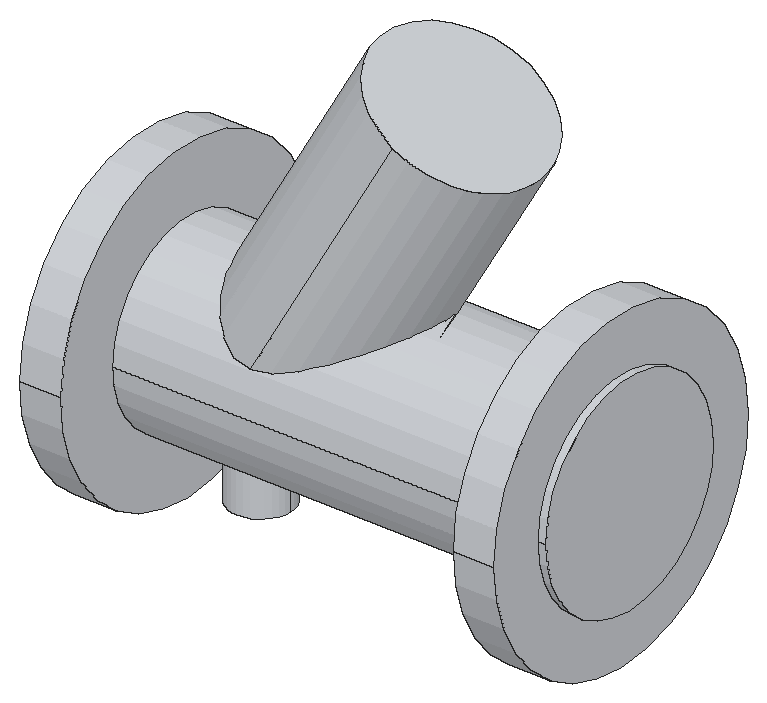
Revit family "HS 821-síto_standard-PN25-DN080-RFA_2018", category Pipe Accessories, Revit 2018
Family settings
  Round Connector Dimension = Use Diameter
  Part Type = Breaks Into
  Work Plane-Based = No
  Always vertical = Yes
  Cut with Voids When Loaded = No
  Shared = No
Parameters (values of type "821D-DN080-PN25-síto_standard")
  magiProductId = "e21040fa3cc2404b858198f6b73709"
  magiProductFamilyId = "79214ac3aaa945e397802f559f5c1e"
  magiPartTypeId = 307
  isMeasuringValve [instance] = no
  ang2D [instance] = 0.00°
  ZB__ve = -ZB  # -32 mm
  ZB1 = 53.46 mm
  ZB = 32 mm
  X2 = 104.753 mm
  X1 = 43.4 mm
  W2D = 15 mm
  VersionID = "2.0/2017.9.26.1/ZETKAMA_821_001"
  Use Minimum Symbol Size [instance] = yes
  URL = "www.hydronix.cz"
  Type Comments = "Filtr přírubový; síto standardní; A-PN16 (-10~300°C); D-PN25 (-10~350°C); F-PN40 (-10~400°C)"
  S = 132 mm
  QmdConnectorList = "301;D;302;D"
  Productdata [instance] = ""
  Manufacturer = "Hydronix"
  MC Product Code = "200 280 (821D; DN080; PN25; kvs147,4; oko síta 1,25mm)"
  LM1 = 24.8 mm
  LM = 248 mm
  L4 = 77.5 mm
  L2D_Min = 3048 mm
  L2D = 130 mm
  L2 = 155 mm
  HH2 = 181.438 mm
  FD = 200 mm
  Description = "Filtr přírubový; síto standardní; 821A-PN16; 821D-PN25; 821F-PN40"
  DM1 = 107.4 mm
  DM = 118.8 mm
  D = 80 mm
  CC = 5.27 mm
  CAT0 = yes
  C1 = 25.73 mm
  C = 31 mm
  BD = 37.422 mm
Types (40, lengths in mm): name | magiProductId | ZB__ve | ZB1 | ZB | X2 | X1 | S | MC Product Code | LM1 | LM | L4 | L2 | HH2 | FD | DM1 | DM | D | CC | C1 | C | BD
  821A-DN015-PN16-síto_standard | "a71bcfe8b393460598b23e8ddf7dc5" | -16.25 | 18.63 | 16.25 | 46.982 | 18.2 | 46 | "200 115 (821A; DN015; PN16; kvs6,3; oko síta 1,00mm)" | 10.4 | 104 | 32.5 | 65 | 81.375 | 95 | 27.6 | 41.4 | 15 | 2.21 | 10.79 | 13 | 13.041
  821A-DN020-PN16-síto_standard | "41cd6c7a12924f4991217528336076" | -17.75 | 22.68 | 17.75 | 51.673 | 21 | 56 | "200 120 (821A; DN020; PN16; kvs11,2; oko síta 1,00mm)" | 12 | 120 | 37.5 | 75 | 89.5 | 105 | 33.6 | 50.4 | 20 | 2.55 | 12.45 | 15 | 15.876
  821A-DN025-PN16-síto_standard | "be378b463ed14c3abf4c9b3ae8cf3a" | -19.25 | 26.325 | 19.25 | 58.601 | 22.4 | 65 | "200 125 (821A; DN025; PN16; kvs14,7; oko síta 1,00mm)" | 12.8 | 128 | 40 | 80 | 101.5 | 115 | 43.2 | 58.5 | 25 | 2.72 | 13.28 | 16 | 18.427
  821A-DN032-PN16-síto_standard | "227a0d18b21540afabe8b6067d35fa" | -23 | 30.78 | 23 | 68.849 | 25.2 | 76 | "200 132 (821A; DN032; PN16; kvs23,7; oko síta 1,00mm)" | 14.4 | 144 | 45 | 90 | 119.25 | 140 | 50.4 | 68.4 | 32 | 3.06 | 14.94 | 18 | 21.546
  821A-DN040-PN16-síto_standard | "d106917c74724141a10440112d0102" | -24.5 | 34.02 | 24.5 | 75.777 | 28 | 84 | "200 140 (821A; DN040; PN16; kvs37,7; oko síta 1,00mm)" | 16 | 160 | 50 | 100 | 131.25 | 150 | 60 | 75.6 | 40 | 3.4 | 16.6 | 20 | 23.814
  821A-DN050-PN16-síto_standard | "8255d456a09e4f6486734f5dd9171b" | -26.75 | 40.095 | 26.75 | 79.061 | 32.2 | 99 | "200 150 (821A; DN050 PN16; kvs57,9; oko síta 1,00mm)" | 18.4 | 184 | 57.5 | 115 | 136.938 | 165 | 73.8 | 89.1 | 50 | 3.91 | 19.09 | 23 | 28.066
  821A-DN065-PN16-síto_standard | "235b1b3e4c0843779a4d5e3716d40a" | -29.75 | 47.79 | 29.75 | 86.927 | 40.6 | 118 | "200 165 (821A; DN065; PN16; kvs101,5; oko síta 1,25mm)" | 23.2 | 232 | 72.5 | 145 | 150.562 | 185 | 94.2 | 106.2 | 65 | 4.93 | 24.07 | 29 | 33.453
  821A-DN080-PN16-síto_standard | "a067f7c5236348ed8c820d16df7214" | -32 | 53.46 | 32 | 104.753 | 43.4 | 132 | "200 180 (821A; DN080; PN16; kvs147,4; oko síta 1,25mm)" | 24.8 | 248 | 77.5 | 155 | 181.438 | 200 | 107.4 | 118.8 | 80 | 5.27 | 25.73 | 31 | 37.422
  821A-DN100-PN16-síto_standard | "c49a648c2747461285837d643703cd" | -35 | 63.18 | 35 | 114.857 | 49 | 156 | "200 190 (821A; DN100; PN16; kvs209,6; oko síta 1,60mm)" | 28 | 280 | 87.5 | 175 | 198.937 | 220 | 131.4 | 140.4 | 100 | 5.95 | 29.05 | 35 | 44.226
  821A-DN125-PN16-síto_standard | "bf68e728a163493cbd2a663b26ebdc" | -39.5 | 74.52 | 39.5 | 131.888 | 56 | 184 | "200 191 (821A; DN125; PN16; kvs326,2; oko síta 1,60mm)" | 32 | 320 | 100 | 200 | 228.438 | 250 | 165 | 165.6 | 125 | 6.8 | 33.2 | 40 | 52.164
  821A-DN150-PN16-síto_standard | "2de770284b654863ae6bc865769dc5" | -44.75 | 85.455 | 44.75 | 155.885 | 67.2 | 211 | "200 192 (821A; DN150; PN16; kvs403; oko síta 1,60mm)" | 38.4 | 384 | 120 | 240 | 270 | 285 | 192 | 189.9 | 150 | 8.16 | 39.84 | 48 | 59.818
  821A-DN200-PN16-síto_standard | "8e5693371ab64aabb29a7f08c76e15" | -53 | 107.73 | 53 | 188.361 | 84 | 266 | "200 193 (821A; DN200; PN16; kvs707; oko síta 1,60mm)" | 48 | 480 | 150 | 300 | 326.25 | 340 | 252 | 239.4 | 200 | 10.2 | 49.8 | 60 | 75.411
  821A-DN250-PN16-síto_standard | "05e37ed948c34047acdd4c42556504" | -62.75 | 129.195 | 62.75 | 255.911 | 102.2 | 319 | "200 194 (821A; DN250; PN16; kvs1234; oko síta 1,60mm)" | 58.4 | 584 | 182.5 | 365 | 443.25 | 405 | 309.6 | 287.1 | 250 | 12.41 | 60.59 | 73 | 90.436
  821A-DN300-PN16-síto_standard | "9ad0af747269428da925480d83ce80" | -71 | 149.85 | 71 | 325.914 | 119 | 370 | "200 195 (821A; DN300; PN16; kvs1916; oko síta 1,60mm)" | 68 | 680 | 212.5 | 425 | 564.5 | 460 | 369.6 | 333 | 300 | 14.45 | 70.55 | 85 | 104.895
  821A-DN350-PN16-síto_standard | "eebc71459bb3451bb4355e7951370a" | -80 | 173.745 | 80 | 356.875 | 137.2 | 429 | "200 196 (821A; DN350; PN16; kvs2621; oko síta 1,60mm)" | 78.4 | 784 | 245 | 490 | 618.125 | 520 | 438 | 386.1 | 350 | 16.66 | 81.34 | 98 | 121.621
  821A-DN400-PN16-síto_standard | "d2f677cb196647e385b2590e7d8abe" | -89 | 194.4 | 89 | 392.237 | 154 | 480 | "200 197 (821A; DN400; PN16; kvs3460; oko síta 1,60mm)" | 88 | 880 | 275 | 550 | 679.375 | 580 | 498 | 432 | 400 | 18.7 | 91.3 | 110 | 136.08
  821D-DN015-PN25-síto_standard | "27ddcbf555414f8ca1fde329bf9087" | -16.25 | 18.63 | 16.25 | 46.982 | 18.2 | 46 | "200 215 (821D; DN015; PN25; kvs6,3; oko síta 1,00mm)" | 10.4 | 104 | 32.5 | 65 | 81.375 | 95 | 27.6 | 41.4 | 15 | 2.21 | 10.79 | 13 | 13.041
  821D-DN020-PN25-síto_standard | "270e0f14012f47189cd0235c18faee" | -17.75 | 22.68 | 17.75 | 51.673 | 21 | 56 | "200 220 (821D; DN020; PN25; kvs11,2; oko síta 1,00mm)" | 12 | 120 | 37.5 | 75 | 89.5 | 105 | 33.6 | 50.4 | 20 | 2.55 | 12.45 | 15 | 15.876
  821D-DN025-PN25-síto_standard | "b9a7fb4aa36643878c637d8e1ab992" | -19.25 | 26.325 | 19.25 | 58.601 | 22.4 | 65 | "200 225 (821D; DN025; PN25; kvs14,7; oko síta 1,00mm)" | 12.8 | 128 | 40 | 80 | 101.5 | 115 | 43.2 | 58.5 | 25 | 2.72 | 13.28 | 16 | 18.427
  821D-DN032-PN25-síto_standard | "6be9a55c4e68400f94eec7e804204c" | -23 | 30.78 | 23 | 68.849 | 25.2 | 76 | "200 232 (821D; DN032; PN25; kvs23,7; oko síta 1,00mm)" | 14.4 | 144 | 45 | 90 | 119.25 | 140 | 50.4 | 68.4 | 32 | 3.06 | 14.94 | 18 | 21.546
  821D-DN040-PN25-síto_standard | "c54511bd7f584ec2984291479612cb" | -24.5 | 34.02 | 24.5 | 75.777 | 28 | 84 | "200 240 (821D; DN040; PN25; kvs37,7; oko síta 1,00mm)" | 16 | 160 | 50 | 100 | 131.25 | 150 | 60 | 75.6 | 40 | 3.4 | 16.6 | 20 | 23.814
  821D-DN050-PN25-síto_standard | "5483b1f596b04cd39b23a14a22c90e" | -26.75 | 40.095 | 26.75 | 79.061 | 32.2 | 99 | "200 250 (821D; DN050; PN25; kvs57,9; oko síta 1,00mm)" | 18.4 | 184 | 57.5 | 115 | 136.938 | 165 | 73.8 | 89.1 | 50 | 3.91 | 19.09 | 23 | 28.066
  821D-DN065-PN25-síto_standard | "767b0f8318e94750bc7a9930ed5b30" | -29.75 | 47.79 | 29.75 | 86.927 | 40.6 | 118 | "200 265 (821D; DN065; PN25; kvs101,5; oko síta 1,25mm)" | 23.2 | 232 | 72.5 | 145 | 150.562 | 185 | 94.2 | 106.2 | 65 | 4.93 | 24.07 | 29 | 33.453
  821D-DN080-PN25-síto_standard | "e21040fa3cc2404b858198f6b73709" | -32 | 53.46 | 32 | 104.753 | 43.4 | 132 | "200 280 (821D; DN080; PN25; kvs147,4; oko síta 1,25mm)" | 24.8 | 248 | 77.5 | 155 | 181.438 | 200 | 107.4 | 118.8 | 80 | 5.27 | 25.73 | 31 | 37.422
  821D-DN100-PN25-síto_standard | "175ca87a506b40b3bc6b82f12f33cf" | -37.25 | 63.18 | 37.25 | 114.857 | 49 | 156 | "200 290 (821D; DN100; PN25; kvs209,6; oko síta 1,60mm)" | 28 | 280 | 87.5 | 175 | 198.937 | 235 | 131.4 | 140.4 | 100 | 5.95 | 29.05 | 35 | 44.226
  821D-DN125-PN25-síto_standard | "77cc98d60da24855999a22dff726b2" | -42.5 | 74.52 | 42.5 | 131.888 | 56 | 184 | "200 291 (821D; DN125; PN25; kvs326,2; oko síta 1,60mm)" | 32 | 320 | 100 | 200 | 228.438 | 270 | 165 | 165.6 | 125 | 6.8 | 33.2 | 40 | 52.164
  821D-DN150-PN25-síto_standard | "9cf8acfcd15547d68e83172d3abcbe" | -47 | 85.455 | 47 | 155.885 | 67.2 | 211 | "200 292 (821D; DN150; PN25; kvs403; oko síta 1,60mm)" | 38.4 | 384 | 120 | 240 | 270 | 300 | 192 | 189.9 | 150 | 8.16 | 39.84 | 48 | 59.818
  821D-DN200-PN25-síto_standard | "16973f3c9ea14389ba8602495a6b64" | -56 | 110.97 | 56 | 188.361 | 84 | 274 | "200 293 (821D; DN200; PN25; kvs707; oko síta 1,60mm)" | 48 | 480 | 150 | 300 | 326.25 | 360 | 252 | 246.6 | 200 | 10.2 | 49.8 | 60 | 77.679
  821F-DN015-PN40-síto_standard | "4c7eaf3c4c0340888b3e684d8a8616" | -16.25 | 18.225 | 16.25 | 46.982 | 18.2 | 45 | "240 615 (821F; DN015; PN40; kvs6,3; oko síta 1,00mm)" | 10.4 | 104 | 32.5 | 65 | 81.375 | 95 | 27.6 | 40.5 | 15 | 2.21 | 10.79 | 13 | 12.757
  821F-DN020-PN40-síto_standard | "aaac5f1ec96b44d6ba96ac2293d66d" | -17.75 | 23.49 | 17.75 | 51.673 | 21 | 58 | "240 620 (821F; DN020; PN40; kvs11,2; oko síta 1,00mm)" | 12 | 120 | 37.5 | 75 | 89.5 | 105 | 33.6 | 52.2 | 20 | 2.55 | 12.45 | 15 | 16.443
  821F-DN025-PN40-síto_standard | "504768023968471481789485b54c7e" | -19.25 | 27.54 | 19.25 | 58.601 | 22.4 | 68 | "240 625 (821F; DN025; PN40; kvs14,7; oko síta 1,00mm)" | 12.8 | 128 | 40 | 80 | 101.5 | 115 | 43.2 | 61.2 | 25 | 2.72 | 13.28 | 16 | 19.278
  821F-DN032-PN40-síto_standard | "165e7f39cf744f329bdf1c400dad12" | -23 | 31.59 | 23 | 68.849 | 25.2 | 78 | "240 632 (821F; DN032; PN40; kvs23,7; oko síta 1,00mm)" | 14.4 | 144 | 45 | 90 | 119.25 | 140 | 50.4 | 70.2 | 32 | 3.06 | 14.94 | 18 | 22.113
  821F-DN040-PN40-síto_standard | "b8903f952089408fbf3a5a632bab1f" | -24.5 | 35.64 | 24.5 | 75.777 | 28 | 88 | "240 640 (821F; DN040; PN40; kvs37,7; oko síta 1,00mm)" | 16 | 160 | 50 | 100 | 131.25 | 150 | 60 | 79.2 | 40 | 3.4 | 16.6 | 20 | 24.948
  821F-DN050-PN40-síto_standard | "c451f97266fe48da8f879cb6a2bd44" | -26.75 | 41.31 | 26.75 | 79.061 | 32.2 | 102 | "240 650 (821F; DN050; PN40; kvs57,9; oko síta 1,00mm)" | 18.4 | 184 | 57.5 | 115 | 136.938 | 165 | 73.8 | 91.8 | 50 | 3.91 | 19.09 | 23 | 28.917
  821F-DN065-PN40-síto_standard | "dc9821e3f9b34e128f6a8c6b34c198" | -29.75 | 49.41 | 29.75 | 86.927 | 40.6 | 122 | "240 665 (821F; DN065; PN40; kvs101,5; oko síta 1,25mm)" | 23.2 | 232 | 72.5 | 145 | 150.562 | 185 | 94.2 | 109.8 | 65 | 4.93 | 24.07 | 29 | 34.587
  821F-DN080-PN40-síto_standard | "689aa1e260f84cf4994f027a1d86b5" | -32 | 55.89 | 32 | 104.753 | 43.4 | 138 | "240 680 (821F; DN080; PN40; kvs147,4; oko síta 1,25mm)" | 24.8 | 248 | 77.5 | 155 | 181.438 | 200 | 107.4 | 124.2 | 80 | 5.27 | 25.73 | 31 | 39.123
  821F-DN100-PN40-síto_standard | "8a45d4e8e2ab425f8c432f21d684f3" | -37.25 | 65.61 | 37.25 | 114.857 | 49 | 162 | "240 690 (821F; DN100; PN40; kvs209,6; oko síta 1,6mm)" | 28 | 280 | 87.5 | 175 | 198.937 | 235 | 131.4 | 145.8 | 100 | 5.95 | 29.05 | 35 | 45.927
  821F-DN125-PN40-síto_standard | "cf073904c006406b8645afa67ea2fc" | -42.5 | 76.14 | 42.5 | 131.888 | 56 | 188 | "240 691 (821F; DN125; PN40; kvs326,2; oko síta 1,6mm)" | 32 | 320 | 100 | 200 | 228.438 | 270 | 165 | 169.2 | 125 | 6.8 | 33.2 | 40 | 53.298
  821F-DN150-PN40-síto_standard | "0153b9ddabe14992a630484929fdbc" | -47 | 88.29 | 47 | 155.885 | 67.2 | 218 | "240 692 (821F; DN150; PN40; kvs403; oko síta 1,6mm)" | 38.4 | 384 | 120 | 240 | 270 | 300 | 192 | 196.2 | 150 | 8.16 | 39.84 | 48 | 61.803
  821F-DN200-PN40-síto_standard | "7fb3fc01dd8d42428c203e3f8dd4d5" | -56 | 115.425 | 56 | 188.361 | 84 | 285 | "240 693 (821F; DN200; PN40; kvs707; oko síta 1,6mm)" | 48 | 480 | 150 | 300 | 326.25 | 360 | 252 | 256.5 | 200 | 10.2 | 49.8 | 60 | 80.797
Reference planes
  plane 1 "Center (Front/Back)": y = 0
  plane 2 "XYPLANE": z = 0
  plane 3 "Center (Left/Right)": x = 0
  plane 4 "109": x = -99.2
  plane 5 "108": x = 124
  plane 6 "107": x = -124
  plane 7 "105": x = 155
  plane 8 "104": x = -155
  plane 9 "103": y = 0
  plane 10 "102": z = 0
  plane 11 "101": x = -149.73
  plane 12 "100": x = 149.73
  plane 13 "11": x = -55.8
  plane 14 "10": z = 181.438
  plane 15 "9": x = 48.953
  plane 16 "5": z = -53.46
  plane 17 "4": x = -77.5
  plane 18 "1": x = 77.5
Forms (mm)
  Extrusion 1, solid, visible <- "CAT0"
    sketch origin (-124, -750, 0) x (0, 1, 0) y (0, 0, 1)
      loop
        circle (750, 0) r 59.4
    from 0 to 248 <- "LM"
  Extrusion 2, solid
    sketch origin (-155, -750, 0) x (0, 1, 0) y (0, 0, 1)
      loop
        circle (750, 0) r 66
    from 0 to 5.27 <- "CC"
  Extrusion 3, solid
    sketch origin (-149.73, -750, 0) x (0, 1, 0) y (0, 0, 1)
      loop
        circle (750, 0) r 100
    from 0 to 25.73 <- "C1"
  Extrusion 4, solid
    sketch origin (124, -750, 0) x (0, 1, 0) y (0, 0, 1)
      loop
        circle (750, 0) r 100
    from 0 to 25.73 <- "C1"
  Extrusion 5, solid
    sketch origin (149.73, -750, 0) x (0, 1, 0) y (0, 0, 1)
      loop
        circle (750, 0) r 66
    from 0 to 5.27 <- "CC"
  Sweep 6, solid, visible <- "CAT0"
    path origin (750, 0, 0) x (-1, 0, 0) y (0, 0, 1)
      loop
        line (874, 0) -> (805.8, 0) -> (701.047, 181.438)
    profile origin (-124, 0, 0) x (0, 0, -1) y (0, 1, 0)
      loop
        circle (0, 0) r 53.7
  Extrusion 7, solid, visible <- "CAT0"
    sketch origin (-750, 0, -53.46) x (1, 0, 0) y (0, 1, 0)
      loop
        circle (672.5, 0) r 18.711
    from 0 to -32 <- "ZB__ve"
  Extrusion 8, solid, visible <- "CAT0"
    sketch origin (-750, 0, -53.46) x (1, 0, 0) y (0, 1, 0)
      loop
        circle (827.5, 0) r 18.711
    from 0 to -32 <- "ZB__ve"
  Extrusion 9, solid, not visible
    sketch origin (155, -750, 0) x (0, 1, 0) y (0, 0, 1)
      loop
        circle (750, 0) r 10
    from 0 to -10
  Extrusion 10, solid, not visible
    sketch origin (-155, -750, 0) x (0, 1, 0) y (0, 0, 1)
      loop
        circle (750, 0) r 10
    from 0 to 10
Lines and regions (mm)
  reference lines, not visible
    curve 1: circle (2, 2, 0) r 1 normal (0, 0, 1)
Dimensions and locks
  plane 1 "Center (Front/Back)" to curve 1 = 2 mm
  "LM1": plane 6 "107" to plane 4 "109"
  "LM": plane 6 "107" to plane 5 "108"
  "C": plane 8 "104" to plane 6 "107"
  "L2": plane 3 "Center (Left/Right)" to plane 7 "105"
  "L2": plane 3 "Center (Left/Right)" to plane 8 "104"
  locked: plane 1 "Center (Front/Back)" to plane 9 "103"
  locked: plane 2 "XYPLANE" to plane 10 "102"
  "CC": plane 8 "104" to plane 11 "101"
  "C1": plane 5 "108" to plane 12 "100"
  "X1": plane 4 "109" to plane 13 "11"
  "HH2": plane 2 "XYPLANE" to plane 14 "10"
  "X2": plane 13 "11" to plane 15 "9"
  "ZB1": plane 2 "XYPLANE" to plane 16 "5"
  "L4": plane 8 "104" to plane 17 "4"
  "L2": plane 17 "4" to plane 18 "1"
  Sweep 6 sketch curve to Sweep 6 sketch curve = 0 mm  (x2)
  "DM": diameter of Extrusion 1 sketch curve
  "S": diameter of Extrusion 2 sketch curve
  "FD": diameter of Extrusion 3 sketch curve
  "FD": diameter of Extrusion 4 sketch curve
  "S": diameter of Extrusion 5 sketch curve
  "DM1": diameter of Sweep 6 sketch curve
  "BD": diameter of Extrusion 7 sketch curve
  "BD": diameter of Extrusion 8 sketch curve
  aligned and locked: level to plane 2 "XYPLANE"
  aligned and locked: Extrusion 1 sketch curve to plane 9 "103"
  aligned and locked: plane 10 "102" to Extrusion 1 sketch curve
  aligned and locked: Extrusion 2 sketch curve to plane 9 "103"
  aligned and locked: plane 10 "102" to Extrusion 2 sketch curve
  aligned and locked: Extrusion 3 sketch curve to plane 9 "103"
  aligned and locked: plane 10 "102" to Extrusion 3 sketch curve
  aligned and locked: Extrusion 4 sketch curve to plane 9 "103"
  aligned and locked: plane 10 "102" to Extrusion 4 sketch curve
  aligned and locked: Extrusion 5 sketch curve to plane 9 "103"
  aligned and locked: plane 10 "102" to Extrusion 5 sketch curve
  aligned and locked: Sweep 6 sketch curve to plane 9 "103"
  aligned and locked: plane 10 "102" to Sweep 6 sketch curve  (x3)
  aligned and locked: plane 6 "107" to Sweep 6 sketch curve
  aligned and locked: plane 13 "11" to Sweep 6 sketch curve
  aligned and locked: plane 14 "10" to Sweep 6 sketch curve
  aligned and locked: plane 15 "9" to Sweep 6 sketch curve
  aligned and locked: plane 9 "103" to Extrusion 7 sketch curve
  aligned and locked: plane 17 "4" to Extrusion 7 sketch curve
  aligned and locked: plane 9 "103" to Extrusion 8 sketch curve
  aligned and locked: plane 18 "1" to Extrusion 8 sketch curve
  aligned and locked: Extrusion 9 sketch curve to plane 9 "103"
  aligned and locked: plane 10 "102" to Extrusion 9 sketch curve
  aligned and locked: Extrusion 10 sketch curve to plane 9 "103"
  aligned and locked: plane 10 "102" to Extrusion 10 sketch curve
Automatic sketch dimensions
  plane 1 "Center (Front/Back)" to Extrusion 9 sketch curve = 10 mm
  plane 1 "Center (Front/Back)" to Extrusion 10 sketch curve = 10 mm
  plane 3 "Center (Left/Right)" to curve 1 = 2 mm
  radius of curve 1 = 1 mm
Connectors
  piping at (-155, 0, 0), diameter 80, driven by "D"
    settings: on Extrusion 10, index 1, connector inside diameter 609.6 mm, connector length 0 mm, flow factor 0, pipe flow 0.0 L/s, pressure drop 0.0 Pa, fitting loss kfactor 0, connector angle 0.00°, fixture units 0, engagement length 0 mm, angle of deflection 0.00°, flow configuration 0, flow direction 0, fitting loss method 0, system type 29, joint type 0, gender type 0, connector reference index 2, connector utility 0, adjustable connector no, is connector primary yes, connector description ""
  piping at (155, 0, 0), diameter 80, driven by "D"
    settings: on Extrusion 9, index 2, connector inside diameter 609.6 mm, connector length 0 mm, flow factor 0, pipe flow 0.0 L/s, pressure drop 0.0 Pa, fitting loss kfactor 0, connector angle 0.00°, fixture units 0, engagement length 0 mm, angle of deflection 0.00°, flow configuration 0, flow direction 0, fitting loss method 0, system type 29, joint type 0, gender type 0, connector reference index 1, connector utility 0, adjustable connector no, is connector primary no, connector description ""
